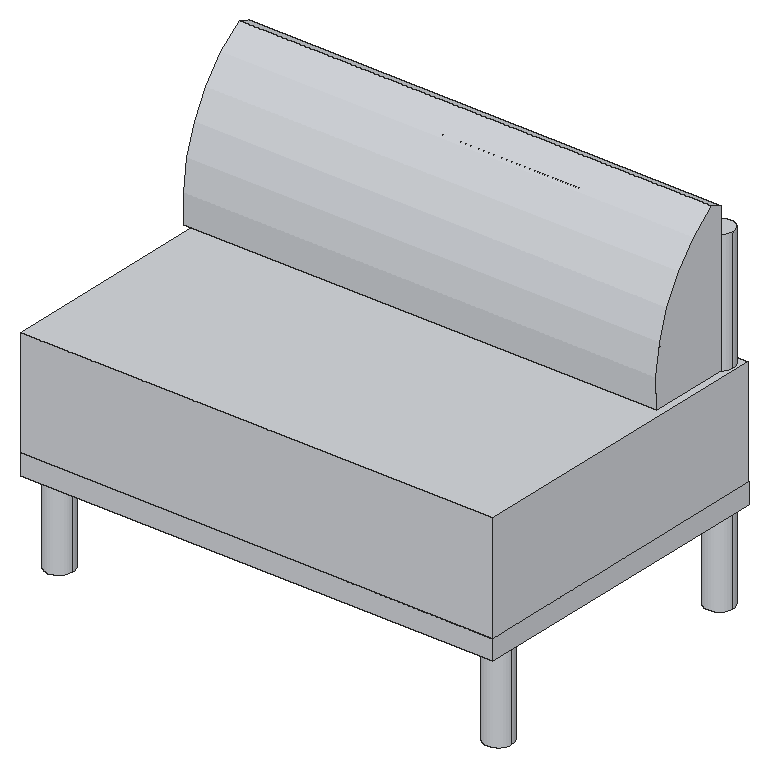
Revit family "RYN_FUR_BoothSeater", category Furniture, Revit 2025
Family settings
  OmniClass Number = 23.40.20.00
  OmniClass Title = General Furniture and Specialties
  Work Plane-Based = No
  Enable Cutting in Views = No
  Always vertical = Yes
  Cut with Voids When Loaded = No
  Render Appearance Source = Family Geometry
  Shared = No
  Room Calculation Point = No
Parameters (values of type "W600")
  frame = none
  fabric = none
  Width = 600 mm
  LENGTH [instance] = 889 mm
  Default Elevation = 0 mm
Reference planes
  plane 1 "Center Front/Back": y = 0
  plane 2: z = 0
  plane 3 "Center Left/Right": x = 0
  plane 4: z = 203.2
  plane 5: z = 711.2
  plane 6: y = 300
  plane 7: y = -300
  plane 8: y = -248.073
Forms (mm)
  Extrusion 1, solid, material <- "frame"
    sketch origin (0, 0, 0) x (1, 0, 0) y (0, 1, 0)
      loop
        line (-444.5, 300) -> (-444.5, -300) -> (444.5, -300) -> (444.5, 300) -> (-444.5, 300)
    from 203.2 to 165.176
  Extrusion 2, solid, material <- "frame"
    sketch origin (0, 180, 0) x (1, 0, 0) y (0, 1, 0)
      loop
        circle (-413.069, -428.073) r 25.4
      loop
        circle (413.069, -428.073) r 25.4
    from 0 to 165.176
  Extrusion 3, solid, material <- "frame"
    sketch origin (0, -144.5, 0) x (1, 0, 0) y (0, 1, 0)
      loop
        circle (-412.618, 416.145) r 25.4
      loop
        circle (412.618, 416.145) r 25.4
    from 0 to 635
  Extrusion 4, solid, material <- "fabric"
    sketch origin (0, 0, 0) x (1, 0, 0) y (0, 1, 0)
      loop
        line (-444.5, 300) -> (-444.5, -300) -> (444.5, -300) -> (444.5, 300) -> (-444.5, 300)
    from 203.2 to 406.4
  Extrusion 5, solid, material <- "frame"
    sketch origin (0, -144.5, 0) x (0, 1, 0) y (0, 0, 1)
      loop
        circle (416.145, 622.3) r 12.7
      loop
        circle (416.145, 527.05) r 12.7
      loop
        circle (416.145, 431.8) r 12.7
    from -385.748 to 385.748
  Extrusion 6, solid, material <- "fabric"
    sketch origin (0, -144.5, 0) x (0, 1, 0) y (0, 0, 1)
      loop
        arc (381, 696.904) -> (370.507, 701.944) -> (359.57, 705.93) r 118.434
        arc (359.57, 705.93) -> (254.021, 580.894) -> (229.585, 419.1) r 300.66
        line (229.585, 419.1) -> (381, 419.1) -> (381, 696.904)
    from -444.5 to 444.5
Cuts and joins
  joined: Extrusion 1, Extrusion 2, Extrusion 3, Extrusion 5
Dimensions and locks
  equal spacing: Extrusion 4, plane 3 "Center Left/Right", Extrusion 4
  "LENGTH": Extrusion 4 to Extrusion 4
  locked: Extrusion 6 to Extrusion 4
  equal spacing: cut or joined group of Extrusion 1, Extrusion 2, Extrusion 3, Extrusion 5, plane 3 "Center Left/Right", cut or joined group of Extrusion 1, Extrusion 2, Extrusion 3, Extrusion 5
  cut or joined group of Extrusion 1, Extrusion 2, Extrusion 3, Extrusion 5 to plane 3 "Center Left/Right" to cut or joined group of Extrusion 1, Extrusion 2, Extrusion 3, Extrusion 5 = 387.218 mm, 438.018 mm
  cut or joined group of Extrusion 1, Extrusion 2, Extrusion 3, Extrusion 5 to cut or joined group of Extrusion 1, Extrusion 2, Extrusion 3, Extrusion 5 = 57.282 mm
  locked: cut or joined group of Extrusion 1, Extrusion 2, Extrusion 3, Extrusion 5 to cut or joined group of Extrusion 1, Extrusion 2, Extrusion 3, Extrusion 5 at 58.752
  locked: Extrusion 4 to cut or joined group of Extrusion 1, Extrusion 2, Extrusion 3, Extrusion 5 at 6.482
  locked: Extrusion 4 to cut or joined group of Extrusion 1, Extrusion 2, Extrusion 3, Extrusion 5 at 58.752
  locked: Extrusion 6 to cut or joined group of Extrusion 1, Extrusion 2, Extrusion 3, Extrusion 5 at 6.482
  locked: cut or joined group of Extrusion 1, Extrusion 2, Extrusion 3, Extrusion 5 to Extrusion 4
  equal spacing: plane 6, plane 1 "Center Front/Back", plane 7
  "Width": plane 7 to plane 6
  aligned and locked: level to plane 2
  aligned and locked: plane 6 to Extrusion 4 sketch curve
  aligned and locked: Extrusion 4 sketch curve to plane 7
  aligned and locked: plane 6 to Extrusion 1 sketch curve
  aligned and locked: plane 7 to Extrusion 1 sketch curve
  aligned and locked: plane 8 to Extrusion 2 sketch curve  (x2)
Automatic sketch dimensions
  Extrusion 1 sketch curve to plane 3 "Center Left/Right" = 444.5 mm
  plane 3 "Center Left/Right" to Extrusion 1 sketch curve = 444.5 mm
  Extrusion 2 sketch curve to plane 3 "Center Left/Right" = 413.069 mm
  plane 3 "Center Left/Right" to Extrusion 2 sketch curve = 413.069 mm
  Extrusion 3 sketch curve to plane 3 "Center Left/Right" = 412.618 mm
  plane 3 "Center Left/Right" to Extrusion 3 sketch curve = 412.618 mm
  Extrusion 3 sketch curve to plane 1 "Center Front/Back" = 271.645 mm  (x2)
  Extrusion 4 sketch curve to plane 3 "Center Left/Right" = 444.5 mm
  plane 3 "Center Left/Right" to Extrusion 4 sketch curve = 444.5 mm
  plane 5 to Extrusion 5 sketch curve = 184.15 mm
  Extrusion 5 sketch curve to plane 1 "Center Front/Back" = 271.645 mm
  Extrusion 5 sketch curve to Extrusion 5 sketch curve = 0 mm  (x2)
  Extrusion 5 sketch curve to Extrusion 5 sketch curve = 95.25 mm
  plane 5 to Extrusion 5 sketch curve = 88.9 mm
  Extrusion 6 sketch curve to plane 1 "Center Front/Back" = 85.085 mm
  Extrusion 6 sketch curve to Extrusion 6 sketch curve = 94.947 mm
  plane 5 to Extrusion 6 sketch curve = 14.296 mm
  Extrusion 6 sketch curve to Extrusion 6 sketch curve = 56.468 mm
  Extrusion 6 sketch curve to Extrusion 6 sketch curve = 146.874 mm
  plane 5 to Extrusion 6 sketch curve = 118.402 mm
  Extrusion 6 sketch curve to Extrusion 6 sketch curve = 136.008 mm
  Extrusion 6 sketch curve to plane 4 = 215.9 mm
  radius of Extrusion 2 sketch curve = 25.4 mm  (x2)
  radius of Extrusion 3 sketch curve = 25.4 mm  (x2)
  radius of Extrusion 5 sketch curve = 12.7 mm  (x3)
